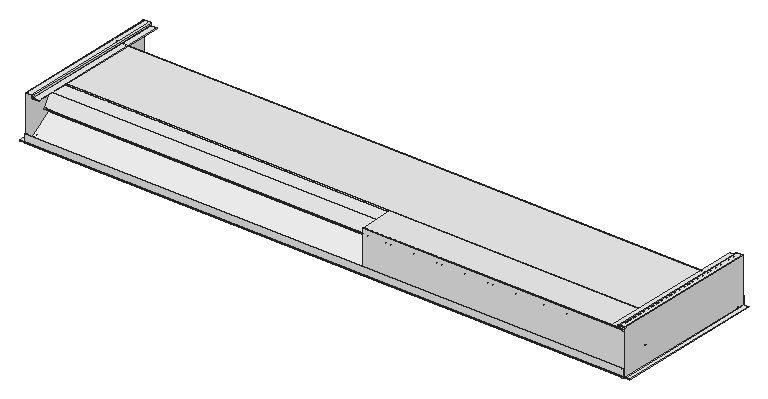
Revit family "LRTP 1x4", category Lighting Fixtures, host Ceiling, Revit 2019
Family settings
  Host = Ceiling
  Round Connector Dimension = Use Diameter
  Part Type = Normal
  OmniClass Number = 23.80.70.11.14.17
  OmniClass Title = Direct/Indirect
  Always vertical = Yes
  Cut with Voids When Loaded = No
  Light Source = Yes
  Shared = No
  Room Calculation Point = No
Parameters (values of type "LRTP1x4-LED840K050LUNV")
  Width = 0' - 11 3/4"
  Wattage = 39 W
  built-in parameter 1150110 = 1 (stored number, unit not read)
  Voltage = 120 V
  URL = "https://www.viscor.com/en/products/lrtp"
  built-in parameter 1114217 = 0.9 (stored number, unit not read)
  Tilt Angle = 90.00°
  built-in parameter 1150109 = 1 (stored number, unit not read)
  built-in parameter 1150134 = 12
  built-in parameter 1150113 = 1 (stored number, unit not read)
  Reflector Width = Width / 2  # 0' - 5 7/8"
  Photometric Web File = "LRTP1X4-LED840K050LUNV-G002115.IES"
  Model = "LRTP"  # constant formula
  Manufacturer = "VISIONEERING by VISCOR"  # constant formula
  Lumens = 4992 lm
  built-in parameter 1150115 = 1 (stored number, unit not read)
  built-in parameter 1150105 = 397.25 (stored number, unit not read)
  built-in parameter 1150137 = (empty or 0)
  built-in parameter 1150139 = (empty or 0)
  Lens Finish = Polycarbonate - Viscor - Frosted Round
  Length = 3' - 11 3/4"
  Lamp Wattage = 39 VA
  built-in parameter 1150112 = 1 (stored number, unit not read)
  built-in parameter 1150114 = 1 (stored number, unit not read)
  Lamp = "LED"  # constant formula
  built-in parameter 1150132 = (empty or 0)
  built-in parameter 1150102 = (empty or 0)
  built-in parameter 1150138 = (empty or 0)
  built-in parameter 1150107 = 4000 (stored number, unit not read)
  built-in parameter 1150106 = 3.9725 (stored number, unit not read)
  Housing Finish = Metal - Viscor - White
  Emit from Rectangle Width = Width  # 0' - 11 3/4"
  Emit from Rectangle Length = Length  # 3' - 11 3/4"
  Emit Shape Visible in Rendering = no
  built-in parameter 1150104 = 11.892 (stored number, unit not read)
  Dimming Lamp Color Temperature Shift = <None>
  Description = "LED Recessed Troffer Type P"  # constant formula
  Color Filter = 16777215
  built-in parameter 1114218 = 1 (stored number, unit not read)
  built-in parameter 1150133 = 10 (stored number, unit not read)
  Assembly Code = "D5020200"
  Apparent Load = Lamp Wattage  # 39 VA
Types (4): name | Wattage | Photometric Web File | Lumens | built-in parameter 1150105 | Lamp Wattage | built-in parameter 1150106 | built-in parameter 1150104 | Apparent Load
  (no name) | 39 W | "LRTP1X4-LED840K050LUNV-G002115.IES" | 4992 lm | 397.25 (stored number, unit not read) | 39 VA | 3.9725 (stored number, unit not read) | 11.892 (stored number, unit not read) | 39 VA
  LRTP1x4-LED840K035LUNV | 29 W | "LRTP1X4-LED840K035LUNV-G002117.IES" | 3567 lm | 283.85 (stored number, unit not read) | 29 VA | 2.8385 (stored number, unit not read) | 11.427 (stored number, unit not read) | 29 VA
  LRTP1x4-LED840K040LUNV | 31 W | "LRTP1X4-LED840K040LUNV-G002116.IES" | 4061 lm | 323.16 (stored number, unit not read) | 31 VA | 3.2316 (stored number, unit not read) | 12.17 (stored number, unit not read) | 31 VA
  LRTP1x4-LED840K050LUNV | 39 W | "LRTP1X4-LED840K050LUNV-G002115.IES" | 4992 lm | 397.25 (stored number, unit not read) | 39 VA | 3.9725 (stored number, unit not read) | 11.892 (stored number, unit not read) | 39 VA
Reference planes (in)
  plane 1 "Light Source Axis (F/B)": y = 0
  plane 2 "Ceiling": z = 96
  plane 3 "Light Source Axis (L/R)": x = 0
  plane 4 "Light Source Elevation": z = 95.96875
  plane 5: y = 5.875
  plane 6: y = -5.875
  plane 7: x = -23.875
  plane 8: x = 23.875
  plane 9: x = -23.8125
  plane 10: x = 23.8125
  plane 11: x = -23.45
  plane 12: x = 23.45
  plane 13: y = 5.7755
  plane 14: y = -5.7755
  plane 15: x = 2.95
Forms (in)
  Extrusion 1, void
    sketch origin (0, 0, 96) x (1, 0, 0) y (0, 1, 0)
      loop
        line (-23.875, -5.875) -> (23.875, -5.875) -> (23.875, 5.875) -> (-23.875, 5.875) -> (-23.875, -5.875)
    from -0.25733 to 3.57262
  Extrusion 2, solid, material "Metal - Viscor - White" <- "Housing Finish"
    sketch origin (0, 0, 0) x (1, 0, 0) y (0, 0, 1)
      loop
        line (-23.875, 96) -> (-23.519, 96)
        arc (-23.519, 96) -> (-23.47021, 96.02021) -> (-23.45, 96.069) r 0.069
        line (-23.45, 96.069) -> (-23.45, 99.461)
        arc (-23.45, 99.461) -> (-23.43858, 99.48858) -> (-23.411, 99.5) r 0.039
        line (-23.411, 99.5) -> (-22.989, 99.5)
        arc (-22.989, 99.5) -> (-22.96142, 99.48858) -> (-22.95, 99.461) r 0.039
        line (-22.95, 99.461) -> (-22.95, 99.351)
        arc (-22.95, 99.351) -> (-22.92979, 99.30221) -> (-22.881, 99.282) r 0.069
        line (-22.881, 99.282) -> (-22.45, 99.282) -> (-22.45, 99.31325) -> (-22.881, 99.31325)
        arc (-22.881, 99.31325) -> (-22.90769, 99.32431) -> (-22.91875, 99.351) r 0.03775
        line (-22.91875, 99.351) -> (-22.91875, 99.461)
        arc (-22.91875, 99.461) -> (-22.93933, 99.51067) -> (-22.989, 99.53125) r 0.07025
        line (-22.989, 99.53125) -> (-23.411, 99.53125)
        arc (-23.411, 99.53125) -> (-23.46067, 99.51067) -> (-23.48125, 99.461) r 0.07025
        line (-23.48125, 99.461) -> (-23.48125, 96.069)
        arc (-23.48125, 96.069) -> (-23.49231, 96.04231) -> (-23.519, 96.03125) r 0.03775
        line (-23.519, 96.03125) -> (-23.875, 96.03125) -> (-23.875, 96)
    from -5.7755 to 5.7755
  Extrusion 3, solid, material "Metal - Viscor - White" <- "Housing Finish"
    sketch origin (0, 0, 0) x (-1, 0, 0) y (0, 0, -1)
      loop
        line (-23.875, -96) -> (-23.875, -96.03125) -> (-23.519, -96.03125)
        arc (-23.519, -96.03125) -> (-23.49231, -96.04231) -> (-23.48125, -96.069) r 0.03775
        line (-23.48125, -96.069) -> (-23.48125, -99.461)
        arc (-23.48125, -99.461) -> (-23.46067, -99.51067) -> (-23.411, -99.53125) r 0.07025
        line (-23.411, -99.53125) -> (-22.989, -99.53125)
        arc (-22.989, -99.53125) -> (-22.93933, -99.51067) -> (-22.91875, -99.461) r 0.07025
        line (-22.91875, -99.461) -> (-22.91875, -99.351)
        arc (-22.91875, -99.351) -> (-22.90769, -99.32431) -> (-22.881, -99.31325) r 0.03775
        line (-22.881, -99.31325) -> (-22.45, -99.31325) -> (-22.45, -99.282) -> (-22.881, -99.282)
        arc (-22.881, -99.282) -> (-22.92979, -99.30221) -> (-22.95, -99.351) r 0.069
        line (-22.95, -99.351) -> (-22.95, -99.461)
        arc (-22.95, -99.461) -> (-22.96142, -99.48858) -> (-22.989, -99.5) r 0.039
        line (-22.989, -99.5) -> (-23.411, -99.5)
        arc (-23.411, -99.5) -> (-23.43858, -99.48858) -> (-23.45, -99.461) r 0.039
        line (-23.45, -99.461) -> (-23.45, -96.069)
        arc (-23.45, -96.069) -> (-23.47021, -96.02021) -> (-23.519, -96) r 0.069
        line (-23.519, -96) -> (-23.875, -96)
    from -5.7755 to 5.7755
  Extrusion 4, solid, material "Metal - Viscor - White" <- "Housing Finish"
    sketch origin (0, 0, 0) x (0, 1, 0) y (0, 0, 1)
      loop
        line (5.875, 96.062) -> (5.875, 96.625) -> (5.84375, 96.625) -> (5.84375, 96.062)
        arc (5.84375, 96.062) -> (5.83474, 96.04026) -> (5.813, 96.03125) r 0.03075
        line (5.813, 96.03125) -> (5.44646, 96.03125) -> (3.60177, 97.26096)
        arc (3.60177, 97.26096) -> (3.58808, 97.28719) -> (3.60284, 97.31282) r 0.03075
        line (3.60284, 97.31282) -> (4.01181, 97.56159)
        arc (4.01181, 97.56159) -> (4.04355, 97.60498) -> (4.03532, 97.65812) r 0.07025
        line (4.03532, 97.65812) -> (3.08116, 99.22671) -> (3.05446, 99.21047) -> (4.00862, 97.64187)
        arc (4.00862, 97.64187) -> (4.01319, 97.61238) -> (3.99556, 97.58829) r 0.039
        line (3.99556, 97.58829) -> (3.5866, 97.33952)
        arc (3.5866, 97.33952) -> (3.55684, 97.28784) -> (3.58443, 97.23496) r 0.062
        line (3.58443, 97.23496) -> (5.42138, 96.01041)
        arc (5.42138, 96.01041) -> (5.43781, 96.00266) -> (5.45577, 96) r 0.062
        line (5.45577, 96) -> (5.813, 96)
        arc (5.813, 96) -> (5.85684, 96.01816) -> (5.875, 96.062) r 0.062
    from -23.45 to 23.45
  Extrusion 5, solid, material "Metal - Viscor - White" <- "Housing Finish"
    sketch origin (0, 0, 0) x (0, -1, 0) y (0, 0, -1)
      loop
        arc (5.875, -96.062) -> (5.85684, -96.01816) -> (5.813, -96) r 0.062
        line (5.813, -96) -> (5.45577, -96)
        arc (5.45577, -96) -> (5.43781, -96.00266) -> (5.42138, -96.01041) r 0.062
        line (5.42138, -96.01041) -> (3.58443, -97.23496)
        arc (3.58443, -97.23496) -> (3.55684, -97.28784) -> (3.5866, -97.33952) r 0.062
        line (3.5866, -97.33952) -> (3.99556, -97.58829)
        arc (3.99556, -97.58829) -> (4.01319, -97.61238) -> (4.00862, -97.64187) r 0.039
        line (4.00862, -97.64187) -> (3.05446, -99.21047) -> (3.08116, -99.22671) -> (4.03532, -97.65812)
        arc (4.03532, -97.65812) -> (4.04355, -97.60498) -> (4.01181, -97.56159) r 0.07025
        line (4.01181, -97.56159) -> (3.60284, -97.31282)
        arc (3.60284, -97.31282) -> (3.58808, -97.28719) -> (3.60177, -97.26096) r 0.03075
        line (3.60177, -97.26096) -> (5.44646, -96.03125) -> (5.813, -96.03125)
        arc (5.813, -96.03125) -> (5.83474, -96.04026) -> (5.84375, -96.062) r 0.03075
        line (5.84375, -96.062) -> (5.84375, -96.625) -> (5.875, -96.625) -> (5.875, -96.062)
    from -23.45 to 23.45
  Extrusion 6, solid, material "Polycarbonate - Viscor - Frosted Round" <- "Lens Finish"
    sketch origin (0, 0, 0) x (0, 1, 0) y (0, 0, 1)
      loop
        line (4.01314, 97.62384) -> (3.98942, 97.65605)
        arc (3.98942, 97.65605) -> (0, 96.346) -> (-3.98942, 97.65605) r 6.72939
        line (-3.98942, 97.65605) -> (-4.01314, 97.62384)
        arc (-4.01314, 97.62384) -> (0, 96.306) -> (4.01314, 97.62384) r 6.76939
    from -23.45 to 23.45
  Extrusion 7, solid, material "Metal - Viscor - White" <- "Housing Finish"
    sketch origin (0, 0, 0) x (0, 1, 0) y (0, 0, 1)
      loop
        line (3.47389, 98.62483) -> (3.09552, 99.24686)
        arc (3.09552, 99.24686) -> (3.07038, 99.27115) -> (3.03657, 99.28) r 0.069
        line (3.03657, 99.28) -> (-3.03657, 99.28)
        arc (-3.03657, 99.28) -> (-3.07038, 99.27115) -> (-3.09552, 99.24686) r 0.069
        line (-3.09552, 99.24686) -> (-3.47389, 98.62483) -> (-3.44719, 98.60859) -> (-3.06882, 99.23062)
        arc (-3.06882, 99.23062) -> (-3.05507, 99.24391) -> (-3.03657, 99.24875) r 0.03775
        line (-3.03657, 99.24875) -> (3.03657, 99.24875)
        arc (3.03657, 99.24875) -> (3.05507, 99.24391) -> (3.06882, 99.23062) r 0.03775
        line (3.06882, 99.23062) -> (3.44719, 98.60859) -> (3.47389, 98.62483)
    from -23.45 to 23.45
  Extrusion 8, solid, material "Metal - Viscor - White" <- "Housing Finish"
    sketch origin (0, 0, 0) x (0, 1, 0) y (0, 0, 1)
      loop
        line (-3.77959, 97.40055) -> (-4.0565, 97.56693) -> (-4.0565, 97.69193) -> (-3.1065, 99.273) -> (-3.1065, 99.312) -> (-5.7365, 99.312)
        arc (-5.7365, 99.312) -> (-5.76163, 99.3) -> (-5.76843, 99.273) r 0.03274
        line (-5.76843, 99.273) -> (-5.76843, 96.062) -> (-5.39343, 96.062) -> (-3.77959, 97.15055) -> (-3.77959, 97.40055)
    from 2.95 to 23.45
Dimensions and locks (in)
  equal spacing: host sketch curve, plane 3 "Light Source Axis (L/R)", host sketch curve
  equal spacing: host sketch curve, plane 1 "Light Source Axis (F/B)", host sketch curve
  host sketch curve to host sketch curve = 10' - 0"  (x2)
  equal spacing: plane 7, plane 3 "Light Source Axis (L/R)", plane 8
  "Length": plane 7 to plane 8
  equal spacing: plane 5, plane 1 "Light Source Axis (F/B)", plane 6
  "Width": plane 5 to plane 6
  plane 4 "Light Source Elevation" to plane 2 "Ceiling" = 0' - 0 1/32"
  locked: plane 7 to plane 9 at 0.0625
  locked: plane 10 to plane 8 at 0.0625
  locked: plane 7 to plane 11 at 0.425
  locked: plane 12 to plane 8 at 0.425
  locked: plane 5 to plane 13 at 0.0995
  locked: plane 14 to plane 6 at 0.0995
  locked: plane 15 to plane 12 at 20.5
  aligned and locked: plane 3 "Light Source Axis (L/R)" to imposter light
  aligned and locked: plane 1 "Light Source Axis (F/B)" to imposter light
  aligned and locked: plane 4 "Light Source Elevation" to imposter light
  aligned and locked: Extrusion 1 to imposter light
  aligned and locked: Extrusion 1 to plane 7
  aligned and locked: plane 8 to Extrusion 1
  aligned and locked: Extrusion 2 to plane 14
  aligned and locked: plane 13 to Extrusion 2
  aligned and locked: plane 13 to Extrusion 3
  aligned and locked: Extrusion 3 to plane 14
  aligned and locked: Extrusion 4 to plane 11
  aligned and locked: plane 12 to Extrusion 4
  aligned and locked: Extrusion 5 to plane 11
  aligned and locked: plane 12 to Extrusion 5
  aligned and locked: Extrusion 6 to plane 11
  aligned and locked: plane 12 to Extrusion 6
  aligned and locked: Extrusion 7 to plane 11
  aligned and locked: plane 12 to Extrusion 7
  aligned and locked: plane 12 to Extrusion 8
  aligned and locked: Extrusion 8 to plane 15
Automatic sketch dimensions
  Extrusion 1 sketch curve to plane 5 = 0' - 0"
  Extrusion 1 sketch curve to plane 7 = 0' - 0"
  Extrusion 1 sketch curve to plane 8 = 0' - 0"
  Extrusion 1 sketch curve to plane 6 = 0' - 0"
  Extrusion 2 sketch curve to Extrusion 2 sketch curve = 0' - 0"  (x8)
  Extrusion 2 sketch curve to plane 2 "Ceiling" = 0' - 0"
  Extrusion 2 sketch curve to plane 7 = 0' - 0"
  Extrusion 2 sketch curve to plane 11 = 0' - 0"
  Extrusion 2 sketch curve to plane 11 = 0' - 0.069"
  Extrusion 2 sketch curve to Extrusion 2 sketch curve = 0' - 0 1/32"
  plane 11 to Extrusion 2 sketch curve = 0' - 0.039"
  Extrusion 2 sketch curve to Extrusion 2 sketch curve = 0' - 0.422"
  Extrusion 2 sketch curve to Extrusion 2 sketch curve = 0' - 0.039"
  Extrusion 2 sketch curve to Extrusion 2 sketch curve = 0' - 0.03775"
  Extrusion 2 sketch curve to Extrusion 2 sketch curve = 0' - 0.431"
  plane 2 "Ceiling" to Extrusion 2 sketch curve = 0' - 3.282"
  Extrusion 2 sketch curve to Extrusion 2 sketch curve = 0' - 0.11"
  Extrusion 3 sketch curve to Extrusion 3 sketch curve = 0' - 0"  (x8)
  Extrusion 3 sketch curve to plane 2 "Ceiling" = 0' - 0"
  Extrusion 3 sketch curve to plane 8 = 0' - 0"
  Extrusion 3 sketch curve to plane 12 = 0' - 0"
  Extrusion 3 sketch curve to plane 12 = 0' - 0.069"
  Extrusion 3 sketch curve to Extrusion 3 sketch curve = 0' - 0 1/32"
  plane 12 to Extrusion 3 sketch curve = 0' - 0.039"
  Extrusion 3 sketch curve to Extrusion 3 sketch curve = 0' - 0.422"
  Extrusion 3 sketch curve to Extrusion 3 sketch curve = 0' - 0.039"
  Extrusion 3 sketch curve to Extrusion 3 sketch curve = 0' - 0.03775"
  Extrusion 3 sketch curve to Extrusion 3 sketch curve = 0' - 0.431"
  Extrusion 3 sketch curve to plane 2 "Ceiling" = 0' - 3.282"
  Extrusion 3 sketch curve to Extrusion 3 sketch curve = 0' - 0.11"
  Extrusion 4 sketch curve to Extrusion 4 sketch curve = 0' - 0"  (x6)
  Extrusion 4 sketch curve to plane 2 "Ceiling" = 0' - 0"
  Extrusion 4 sketch curve to plane 5 = 0' - 0"
  Extrusion 4 sketch curve to plane 5 = 0' - 0 1/32"
  Extrusion 4 sketch curve to Extrusion 4 sketch curve = 0' - 0.03075"
  Extrusion 4 sketch curve to plane 13 = 0' - 0.31973"
  Extrusion 4 sketch curve to Extrusion 4 sketch curve = 0' - 0.00931"
  plane 2 "Ceiling" to Extrusion 4 sketch curve = 0' - 0.01041"
  Extrusion 4 sketch curve to Extrusion 4 sketch curve = 0' - 0.02508"
  Extrusion 4 sketch curve to plane 13 = 0' - 1.74018"
  Extrusion 4 sketch curve to Extrusion 4 sketch curve = 0' - 0.02351"
  Extrusion 4 sketch curve to Extrusion 4 sketch curve = 0' - 0.0267"  (x3)
  Extrusion 4 sketch curve to Extrusion 4 sketch curve = 0' - 0.01624"  (x2)
  Extrusion 4 sketch curve to Extrusion 4 sketch curve = 0' - 0.03332"  (x2)
  Extrusion 4 sketch curve to Extrusion 4 sketch curve = 0' - 0.39298"
  plane 2 "Ceiling" to Extrusion 4 sketch curve = 0' - 1.31282"
  Extrusion 4 sketch curve to Extrusion 4 sketch curve = 0' - 0.01598"
  Extrusion 4 sketch curve to Extrusion 4 sketch curve = 0' - 0.01706"
  Extrusion 4 sketch curve to Extrusion 4 sketch curve = 0' - 0.01733"
  Extrusion 4 sketch curve to Extrusion 4 sketch curve = 0' - 0.95416"
  Extrusion 4 sketch curve to Extrusion 4 sketch curve = 0' - 0.563"
  Extrusion 4 sketch curve to Extrusion 4 sketch curve = 0' - 0.07786"
  Extrusion 4 sketch curve to Extrusion 4 sketch curve = 0' - 0.026"
  Extrusion 4 sketch curve to Extrusion 4 sketch curve = 0' - 0.24877"
  Extrusion 5 sketch curve to Extrusion 5 sketch curve = 0' - 0"  (x6)
  Extrusion 5 sketch curve to plane 2 "Ceiling" = 0' - 0"
  Extrusion 5 sketch curve to plane 6 = 0' - 0"
  Extrusion 5 sketch curve to Extrusion 5 sketch curve = 0' - 0 1/32"
  Extrusion 5 sketch curve to Extrusion 5 sketch curve = 0' - 0.03075"
  Extrusion 5 sketch curve to plane 14 = 0' - 0.31973"
  Extrusion 5 sketch curve to Extrusion 5 sketch curve = 0' - 0.00931"
  Extrusion 5 sketch curve to plane 2 "Ceiling" = 0' - 0.01041"
  Extrusion 5 sketch curve to Extrusion 5 sketch curve = 0' - 0.02508"
  Extrusion 5 sketch curve to plane 14 = 0' - 1.74018"
  Extrusion 5 sketch curve to Extrusion 5 sketch curve = 0' - 0.02351"
  Extrusion 5 sketch curve to Extrusion 5 sketch curve = 0' - 0.0267"  (x3)
  Extrusion 5 sketch curve to Extrusion 5 sketch curve = 0' - 0.01624"  (x2)
  Extrusion 5 sketch curve to Extrusion 5 sketch curve = 0' - 0.03332"  (x2)
  Extrusion 5 sketch curve to Extrusion 5 sketch curve = 0' - 0.39298"
  Extrusion 5 sketch curve to plane 2 "Ceiling" = 0' - 1.31282"
  Extrusion 5 sketch curve to Extrusion 5 sketch curve = 0' - 0.01598"
  Extrusion 5 sketch curve to Extrusion 5 sketch curve = 0' - 0.01706"
  Extrusion 5 sketch curve to Extrusion 5 sketch curve = 0' - 0.01733"
  Extrusion 5 sketch curve to Extrusion 5 sketch curve = 0' - 0.95416"
  Extrusion 5 sketch curve to Extrusion 5 sketch curve = 0' - 0.563"
  Extrusion 5 sketch curve to Extrusion 5 sketch curve = 0' - 0.07786"
  Extrusion 5 sketch curve to Extrusion 5 sketch curve = 0' - 0.026"
  Extrusion 5 sketch curve to Extrusion 5 sketch curve = 0' - 0.24877"
  Extrusion 6 sketch curve to Extrusion 6 sketch curve = 0' - 0"  (x2)
  Extrusion 6 sketch curve to plane 1 "Light Source Axis (F/B)" = 0' - 0"
  Extrusion 6 sketch curve to plane 13 = 0' - 1.78608"
  Extrusion 6 sketch curve to Extrusion 6 sketch curve = 0' - 0.02371"  (x2)
  plane 2 "Ceiling" to Extrusion 6 sketch curve = 0' - 1.62384"
  Extrusion 6 sketch curve to Extrusion 6 sketch curve = 0' - 0.03221"
  Extrusion 6 sketch curve to Extrusion 6 sketch curve = 0' - 5.41934"
  plane 14 to Extrusion 6 sketch curve = 0' - 1.78608"
  Extrusion 7 sketch curve to Extrusion 7 sketch curve = 0' - 0"  (x4)
  plane 14 to Extrusion 7 sketch curve = 0' - 2.67998"
  Extrusion 7 sketch curve to Extrusion 7 sketch curve = 0' - 0.0267"  (x3)
  Extrusion 7 sketch curve to Extrusion 7 sketch curve = 0' - 0.03225"  (x2)
  Extrusion 7 sketch curve to plane 13 = 0' - 2.73893"
  Extrusion 7 sketch curve to Extrusion 7 sketch curve = 0' - 0.37838"  (x2)
  plane 2 "Ceiling" to Extrusion 7 sketch curve = 0' - 2.60859"
  Extrusion 7 sketch curve to Extrusion 7 sketch curve = 0' - 0.01624"  (x2)
  plane 2 "Ceiling" to Extrusion 7 sketch curve = 0' - 3.211"
  Extrusion 7 sketch curve to Extrusion 7 sketch curve = 0' - 0.01962"
  plane 14 to Extrusion 8 sketch curve = 0' - 1.99591"
  plane 2 "Ceiling" to Extrusion 8 sketch curve = 0' - 1.40055"
  Extrusion 8 sketch curve to Extrusion 8 sketch curve = 0' - 0.27691"
  Extrusion 8 sketch curve to Extrusion 8 sketch curve = 0' - 0 1/4"
  Extrusion 8 sketch curve to Extrusion 8 sketch curve = 0' - 0.16639"
  Extrusion 8 sketch curve to Extrusion 8 sketch curve = 0' - 0 1/8"
  Extrusion 8 sketch curve to Extrusion 8 sketch curve = 0' - 0.95"
  Extrusion 8 sketch curve to Extrusion 8 sketch curve = 0' - 0.039"
  plane 14 to Extrusion 8 sketch curve = 0' - 0.039"
  Extrusion 8 sketch curve to Extrusion 8 sketch curve = 0' - 0.0002"
  Extrusion 8 sketch curve to Extrusion 8 sketch curve = 0' - 0.03274"
  plane 14 to Extrusion 8 sketch curve = 0' - 0.00707"
  plane 2 "Ceiling" to Extrusion 8 sketch curve = 0' - 0.062"
  Extrusion 8 sketch curve to Extrusion 8 sketch curve = 0' - 0 3/8"
  Extrusion 8 sketch curve to Extrusion 8 sketch curve = 0' - 1.58107"
Connectors (in)
  electrical at (0, 0, 96), driven by "Voltage", driven by "Apparent Load"
    settings: index 1, voltage 120 V, apparent load 0 VA, apparent load phase1 39 VA, apparent load phase2 0 VA, apparent load phase3 0 VA, power factor 1, load classification "Other", number of poles 1, system type 31, power factor state 1, is connector primary yes, connector utility no, sub classification motor no, connector description ""
